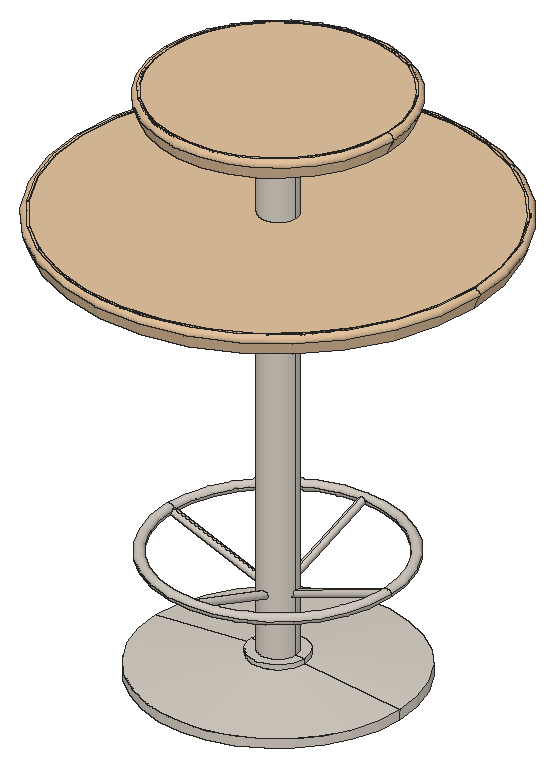
Revit family
Parameters (values of type "Table - High Level Cafe")
  Material Table Top = Wood - Birch
  Material Structure = Metal - Chrome
  Keynote = "N"
  Assembly Code = ""
Reference planes
  plane 1 "Center (Front/Back)": y = 0
  plane 2: z = 0
  plane 3 "Center (Left/Right)": x = 0
  plane 4: z = 950
  plane 5: z = 250
  plane 6: z = 1200
Forms (mm)
  Extrusion 1, solid, material "Wood - Birch" <- "Material Table Top"
    sketch origin (-625.421, 0, 950) x (-1, 0, 0) y (0, -1, 0)
      loop
        circle (-625.421, 0) r 450
      loop
        circle (-625.421, 0) r 40
    from 0 to -40
  Revolve 2, solid, material "Metal - Chrome" <- "Material Structure"
    sketch origin (0, 0, 0) x (1, 0, 0) y (0, 0, 1)
      loop
        line (-280, 0) -> (0, 0) -> (0, 1160) -> (-40, 1160) -> (-40, 49.174) -> (-60.837, 49.174) -> (-60.837, 39.174) -> (-280, 20) -> (-280, 0)
      axis (0, 0) -> (0, 1160)
    angle from 0 to 360
  Sweep 3, solid, material "Metal - Chrome" <- "Material Structure"
    path origin (0, -488.788, 250) x (0, -1, 0) y (1, 0, 0)
      loop
        circle (-488.788, 0) r 250
    profile origin (0, 250, 250) x (0, -1, 0) y (0, 0, 1)
      loop
        circle (0, 0) r 10
  Sweep 4, solid, material "Metal - Chrome" <- "Material Structure"
    path origin (0, 0, 0) x (1, 0, 0) y (0, 0, 1)
      loop
        line (-250, 250) -> (-32.531, 175.119)
    profile origin (-141.265, 0, 212.56) x (0.325568, 0, 0.945519) y (0, -1, 0)
      loop
        circle (0, 0) r 7.5
  Sweep 5, solid, material "Metal - Chrome" <- "Material Structure"
    path origin (0, 0, 0) x (0, -1, 0) y (0, 0, 1)
      loop
        line (-250, 250) -> (-32.531, 175.119)
    profile origin (0, 141.265, 212.56) x (0, -0.325568, 0.945519) y (-1, 0, 0)
      loop
        circle (0, 0) r 7.5
  Sweep 6, solid, material "Metal - Chrome" <- "Material Structure"
    path origin (0, 0, 0) x (0, 1, 0) y (0, 0, 1)
      loop
        line (-250, 250) -> (-32.531, 175.119)
    profile origin (0, -141.265, 212.56) x (0, 0.325568, 0.945519) y (1, 0, 0)
      loop
        circle (0, 0) r 7.5
  Sweep 7, solid, material "Metal - Chrome" <- "Material Structure"
    path origin (0, 0, 0) x (-1, 0, 0) y (0, 0, 1)
      loop
        line (-250, 250) -> (-32.531, 175.119)
    profile origin (141.265, 0, 212.56) x (-0.325568, 0, 0.945519) y (0, 1, 0)
      loop
        circle (0, 0) r 7.5
  Extrusion 8, solid, material "Wood - Birch" <- "Material Table Top"
    sketch origin (-389.512, 0, 1200) x (-1, 0, 0) y (0, -1, 0)
      loop
        circle (-389.512, 0) r 250
    from 0 to -40
  Sweep 9, solid, material "Wood - Birch" <- "Material Table Top"
    path in 3D
      loop
        arc (-450, 0, 950) -> (0, 450, 950) -> (450, 0, 950) r 450
        arc (450, 0, 950) -> (0, -450, 950) -> (-450, 0, 950) r 450
    profile origin (0, -450, 950) x (0, -1, 0) y (0, 0, 1)
      loop
        line (0, 0) -> (0, -40) -> (3, -40) -> (13.14, -13.584)
        arc (13.14, -13.584) -> (12.046, -4.336) -> (3.804, 0) r 10
        line (3.804, 0) -> (0, 0)
      loop
        line (-200, 250) -> (-200, 210) -> (-197, 210) -> (-186.86, 236.416)
        arc (-186.86, 236.416) -> (-187.954, 245.664) -> (-196.196, 250) r 10
        line (-196.196, 250) -> (-200, 250)
Cuts and joins
  joined: Sweep 3, Sweep 4, Sweep 5, Sweep 6, Sweep 7
Lines and regions (mm)
  Masking region 1
    outline origin (0, 0, 0) x (1, 0, 0) y (0, 1, 0)
      loop
        circle (0, 0) r 451.717
  sketch lines
    curve 1: arc (450, 0, 950) -> (0, -450, 950) -> (-450, 0, 950) r 450
    curve 2: arc (-450, 0, 950) -> (0, 450, 950) -> (450, 0, 950) r 450
  symbolic lines
    curve 3: arc (-280, 0, 0) -> (0, 280, 0) -> (280, 0, 0) r 280
    curve 4: arc (280, 0, 0) -> (0, -280, 0) -> (-280, 0, 0) r 280
Dimensions and locks
  aligned and locked: Sweep 9 to Revolve 2 sketch curve
  aligned: curve 4 to Revolve 2
